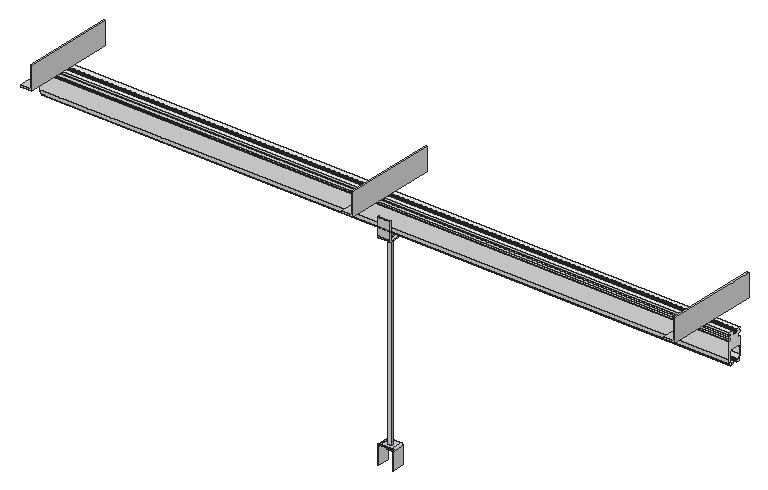
Revit family "Mount_RigidRail_Kattsafe_Purlin_Inline", category Specialty Equipment, Revit 2025
Family settings
  Round Connector Dimension = Use Diameter
  Part Type = Normal
  OmniClass Number = 23.27.71.21
  Work Plane-Based = No
  Enable Cutting in Views = No
  Always vertical = Yes
  Cut with Voids When Loaded = No
  Maintain Annotation Orientation = No
  Shared = No
  Room Calculation Point = No
Parameters (values of type "3.0M Purlin Spreader (OH277)")
  Uniclass2015Version = "Products v1.23"
  Uniclass2015Title = "Brackets"
  Uniclass2015Code = "Pr_20_85_09"
  URL = "https://kattsafe.com.au/"
  UBracketAngle [instance] = 0.00°
  Type IFC Predefined Type = "USERDEFINED"
  Type Comments = "Purlin Spreader with Suspension Kit - 3.0M"
  SafetyDisclaimer [instance] = "WARNING! The correct placement of access, fall protection and facade maintenance systems is critical to ensure it is fit-for-purpose and safe for the operator to use. Did you know Kattsafe® have a dedicated team of Height Safety System Design Specialists? Kattsafe® provide one-on-one consultation and system design assistance to ensure you are meeting the stringent requirements of height safety and to give you PEACE OF MIND with your project."  # constant formula
  PurlinThicknessCalc [instance] = if(PurlinThickness < 1 mm, 1 mm, if(PurlinThickness > 20 mm, 20 mm, PurlinThickness))  # 2 mm
  PurlinThickness [instance] = 2 mm
  PurlinSpreaderLength = if([3mPurlinSpreader], 3000 mm, 4000 mm)  # 3000 mm
  ModifiedIssue = 20240430
  Model = "OH277"
  Material = Steel_Stainless_Kattsafe_Satin
  ManufacturerURLProductSpecific = "https://kattsafe.com.au/products/rigid-rails"
  ManufacturerSpecCode = Model  # "OH277"
  ManufacturerOverallWidth = if([3mPurlinSpreader], 3000 mm, 4000 mm)  # 3000 mm
  ManufacturerOverallHeight [instance] = ActualSuspensionLength + 154 mm  # 1154 mm
  ManufacturerOverallDepth = 400 mm  # constant formula
  ManufacturerHeightFromFFL [instance] = 2700 mm
  Manufacturer = "Kattsafe®"  # constant formula
  IfcExportType = "USERDEFINED"
  IfcExportAs = "IfcBuildingElementProxy"
  Export Type to IFC As = "IfcBuildingElementProxy"
  DesiredSuspensionLength [instance] = 1000 mm
  DesiredPurlinSpacing [instance] = 1400 mm
  Description = "Rigid rails provide significant spanning capabilities, making them very versatile where there are limited support structures. The high strength aluminium construction, along with the unique t-bolt assembly makes it a very simple and easily adaptable system to install."  # constant formula
  Default Elevation = 0 mm
  CreatedByURL = "https://igsgroup.com.au"
  CreatedBy = "IGS BIM Solutions"  # constant formula
  BraceOffsetCalc [instance] = if(ActualSuspensionLength < 200 mm, 200 mm, ActualSuspensionLength)  # 1000 mm
  Assembly Code = "E1090100"
  ActualSuspensionLength [instance] = if(DesiredSuspensionLength < 200 mm, 200 mm, if(DesiredSuspensionLength > 3000 mm, 3000 mm, DesiredSuspensionLength))  # 1000 mm
  ActualPurlinSpacing [instance] = if(DesiredPurlinSpacing > PurlinSpreaderLength / 2 - 50 mm, PurlinSpreaderLength / 2 - 50 mm, DesiredPurlinSpacing)  # 1400 mm
  4mPurlinSpreader = not([3mPurlinSpreader])  # no
  3mPurlinSpreader = yes
Types (2, lengths in mm): name | Type Comments | PurlinThicknessCalc | PurlinThickness | PurlinSpreaderLength | Model | ManufacturerSpecCode | ManufacturerOverallWidth | 4mPurlinSpreader | 3mPurlinSpreader
  3.0M Purlin Spreader (OH277) | "Purlin Spreader with Suspension Kit - 3.0M" | 2 | 2 | 3000 | "OH277" | "OH277" | 3000 | no | yes
  4.0M Purlin Spreader (OH278) | "Purlin Spreader with Suspension Kit - 4.0M" | 14.8 | 14.8 | 4000 | "OH278" | "OH278" | 4000 | yes | no
Reference planes
  plane 1 "Center (Front/Back)": y = 247.5
  plane 2 "Ref. Level": z = 0
  plane 3 "Centre (Left/Right)": x = 0
  plane 4 "Bottom": z = 1646
  plane 5 "BraceTopValid": z = 2700
  plane 6 "ConcreteBracketBottom": z = 1730
  plane 7 "RailTop": z = 1700
  plane 8 "Top": z = 2700
  plane 9 "Left": x = -1500
  plane 10 "PurlinSpreaderBottom": z = 2570
  plane 11 "TopUBracketBottom": z = 2536
  plane 12 "Purlin3Left": x = 1399
  plane 13 "Purlin1Left": x = -1401
  plane 14 "Right": x = 1500
  plane 15 "Back": y = 447.5
  plane 16 "Front": y = 47.5
  plane 17 "DesiredRailTop": z = 1700
  plane 18 "Purlin1Right": x = -1399
  plane 19 "Purlin1Centre": x = -1400
  plane 20 "Purlin3Right": x = 1401
  plane 21 "Purlin3Centre": x = 1400
  plane 22 "Purlin2Left": x = -1
  plane 23 "Purlin2Right": x = 1
Forms (mm)
  Revolve 1, solid, material "Steel_Stainless_Kattsafe_Satin" <- "Material"
    sketch origin (0, 247.5, 0) x (1, 0, 0) y (0, 0, 1)
      loop
        line (0, 2554) -> (-13, 2554) -> (-13, 2541) -> (-8, 2541) -> (-8, 1725) -> (-13, 1725) -> (-13, 1712.5) -> (0, 1712.5) -> (0, 2554)
      axis (0, 2554) -> (0, 1712.5)
    angle from 0 to 360
  Extrusion 2, solid, material "Steel_Stainless_Kattsafe_Satin" <- "Material"
    sketch origin (231.5, -65.949, 506) x (-1, 0, 0) y (0, 0, 1)
      loop
        line (282.5, 2200) -> (238.5, 2200) -> (238.5, 2294) -> (232.5, 2294) -> (232.5, 2194) -> (282.5, 2194) -> (282.5, 2200)
    from 113.449 to 513.449
  Sweep 3, solid, material "Aluminum_Kattsafe_Satin"
    path origin (0, 0, 2700) x (-1, 0, 0) y (0, -1, 0)
      loop
        line (1500, -247.5) -> (-1500, -247.5)
    profile "Z_Fallprotection_Kattsafe_Rigidrail130 : Type 1" origin (0, 247.5, 2700) x (0, 1, 0) y (0, 0, 1)
      loop
        line (30, -104.9) -> (30, -35.25) -> (16, -35.25) -> (16, -23.25) -> (30, -23.25) -> (30, -13) -> (24, -13) -> (24, -6) -> (30, -6) -> (30, 0) -> (10.5, 0) -> (10.5, -6) -> (16.5, -6) -> (16.5, -13) -> (10.5, -13) -> (10.5, -16) -> (-10.5, -16) -> (-10.5, -13) -> (-16.5, -13) -> (-16.5, -6) -> (-10.5, -6) -> (-10.5, 0) -> (-30, 0) -> (-30, -6) -> (-24, -6) -> (-24, -13) -> (-30, -13) -> (-30, -23.25) -> (-23, -23.25) -> (-23, -35.25) -> (-30, -35.25) -> (-30, -104.9) -> (-24.267, -126.294)
        arc (-24.267, -126.294) -> (-22.482, -128.967) -> (-19.438, -130) r 5
        line (-19.438, -130) -> (-9.025, -130) -> (-9.025, -126) -> (-17.903, -126)
        arc (-17.903, -126) -> (-19.729, -125.38) -> (-20.801, -123.776) r 3
        line (-20.801, -123.776) -> (-26, -104.373) -> (-26, -75)
        arc (-26, -75) -> (-24.536, -71.464) -> (-21, -70) r 5
        line (-21, -70) -> (21, -70)
        arc (21, -70) -> (24.536, -71.464) -> (26, -75) r 5
        line (26, -75) -> (26, -104.373) -> (20.801, -123.776)
        arc (20.801, -123.776) -> (19.729, -125.38) -> (17.903, -126) r 3
        line (17.903, -126) -> (9.025, -126) -> (9.025, -130) -> (19.438, -130)
        arc (19.438, -130) -> (22.482, -128.967) -> (24.267, -126.294) r 5
        line (24.267, -126.294) -> (30, -104.9)
  Extrusion 4, solid, material "Steel_Stainless_Kattsafe_Satin" <- "Material"
    sketch origin (0, 0, 0) x (0, 1, 0) y (0, 0, 1)
      loop
        line (212.5, 2620) -> (212.5, 2546)
        arc (212.5, 2546) -> (215.429, 2538.929) -> (222.5, 2536) r 10
        line (222.5, 2536) -> (272.5, 2536)
        arc (272.5, 2536) -> (279.571, 2538.929) -> (282.5, 2546) r 10
        line (282.5, 2546) -> (282.5, 2620) -> (277.5, 2620) -> (277.5, 2546)
        arc (277.5, 2546) -> (276.036, 2542.464) -> (272.5, 2541) r 5
        line (272.5, 2541) -> (222.5, 2541)
        arc (222.5, 2541) -> (218.964, 2542.464) -> (217.5, 2546) r 5
        line (217.5, 2546) -> (217.5, 2620) -> (212.5, 2620)
    from -25 to 25
  Extrusion 5, solid, material "Steel_Stainless_Kattsafe_Satin" <- "Material"
    sketch origin (-453.309, -65.949, 688.675) x (-1, 0, 0) y (0, 0, 1)
      loop
        line (997.691, 2017.325) -> (953.691, 2017.325) -> (953.691, 2111.325) -> (947.691, 2111.325) -> (947.691, 2011.325) -> (997.691, 2011.325) -> (997.691, 2017.325)
    from 113.449 to 513.449
  Extrusion 6, solid, material "Steel_Stainless_Kattsafe_Satin" <- "Material"
    sketch origin (1361.682, -65.949, 507.25) x (-1, 0, 0) y (0, 0, 1)
      loop
        line (12.682, 2198.75) -> (-31.318, 2198.75) -> (-31.318, 2292.75) -> (-37.318, 2292.75) -> (-37.318, 2192.75) -> (12.682, 2192.75) -> (12.682, 2198.75)
    from 113.449 to 513.449
Lines and regions (mm)
  Masking region 1
    outline origin (0, 0, 2700) x (-1, 0, 0) y (0, -1, 0)
      loop
        line (1451, -447.5) -> (1451, -47.5) -> (1401, -47.5) -> (1401, -447.5) -> (1451, -447.5)
  Masking region 2
    outline origin (1210, 320, 2700) x (-1, 0, 0) y (0, -1, 0)
      loop
        line (1261, -127.5) -> (1261, 272.5) -> (1211, 272.5) -> (1211, -127.5) -> (1261, -127.5)
  Masking region 3
    outline origin (2644.196, 340, 2700) x (-1, 0, 0) y (0, -1, 0)
      loop
        line (1295.196, -107.5) -> (1295.196, 292.5) -> (1245.196, 292.5) -> (1245.196, -107.5) -> (1295.196, -107.5)
  symbolic lines, style "Fall Arrest Systems", detail levels medium+fine
    curve 1: line (-1407, 447.5, 2700) -> (-1407, 47.5, 2700)
    curve 2: line (-7, 447.5, 2700) -> (-7, 47.5, 2700)
    curve 3: line (1393, 447.5, 2700) -> (1393, 47.5, 2700)
  reference lines
    curve 4: line (0, 247.5, -6) -> (0, 257.5, -6)
    curve 5: line (0, 247.5, -6) -> (-5, 247.5, -6)
Text (mm)
  text "Disclaimer:\nDue to ongoing product development and manufacturing \nevolution, product details are subject to change without \nnotice. Please refer to product technical data sheets on \nthe manufacturers website for the most current product \ninformation. Please allow a +/- 5mm manufacturing \ntolerance for dimensions and set-outs shown in product \nliterature." at (1721.037, 268.396, 0), in view "Ref. Level"
Dimensions and locks
  "ManufacturerHeightFromFFL": plane 8 "Top" to plane 2 "Ref. Level"
  "ActualSuspensionLength": plane 8 "Top" to plane 7 "RailTop"
  locked: plane 6 "ConcreteBracketBottom" to plane 7 "RailTop" at 30
  locked: plane 6 "ConcreteBracketBottom" to plane 4 "Bottom" at 84
  locked: plane 3 "Centre (Left/Right)" to Revolve 1 sketch curve at 8
  "BraceOffsetCalc": plane 5 "BraceTopValid" to plane 7 "RailTop"
  locked: plane 8 "Top" to plane 10 "PurlinSpreaderBottom" at 130
  locked: Extrusion 4 sketch curve to Extrusion 4 sketch curve at 70
  locked: Extrusion 4 sketch curve to Extrusion 4 sketch curve at 5  (x2)
  equal spacing: Extrusion 4 sketch curve, plane 1 "Center (Front/Back)", Extrusion 4 sketch curve
  locked: plane 10 "PurlinSpreaderBottom" to plane 11 "TopUBracketBottom" at 34
  Extrusion 4 sketch curve to Extrusion 4 sketch curve to plane 11 "TopUBracketBottom" = 79 mm locked, 5 mm locked
  locked: Extrusion 6 sketch curve to Extrusion 6 sketch curve at 6
  locked: Extrusion 6 sketch curve to Extrusion 6 sketch curve at 50
  equal spacing: plane 14 "Right", plane 3 "Centre (Left/Right)", plane 9 "Left"
  "PurlinSpreaderLength": plane 14 "Right" to plane 9 "Left"
  Revolve 1 sketch curve to Revolve 1 sketch curve = 13 mm
  Revolve 1 sketch curve to Revolve 1 sketch curve to plane 11 "TopUBracketBottom" = 13 mm locked, 5 mm locked
  equal spacing: plane 9 "Left", plane 3 "Centre (Left/Right)", plane 14 "Right"
  locked: Extrusion 5 sketch curve to plane 8 "Top" at 6
  locked: plane 13 "Purlin1Left" to Extrusion 5 sketch curve at 6
  locked: Extrusion 5 sketch curve to plane 8 "Top" at 100
  locked: plane 13 "Purlin1Left" to Extrusion 5 sketch curve at 50
  locked: Extrusion 2 sketch curve to plane 8 "Top" at 100
  locked: Extrusion 2 sketch curve to plane 8 "Top" at 6
  Extrusion 6 sketch curve to Extrusion 6 sketch curve to plane 8 "Top" = 94 mm locked, 6 mm locked
  equal spacing: plane 15 "Back", plane 1 "Center (Front/Back)", plane 16 "Front"
  locked: plane 15 "Back" to plane 16 "Front" at 400
  "DesiredSuspensionLength": plane 8 "Top" to plane 17 "DesiredRailTop"
  equal spacing: plane 12 "Purlin3Left", plane 21 "Purlin3Centre", plane 20 "Purlin3Right"
  equal spacing: plane 13 "Purlin1Left", plane 19 "Purlin1Centre", plane 18 "Purlin1Right"
  "PurlinThickness": plane 13 "Purlin1Left" to plane 18 "Purlin1Right"
  "PurlinThickness": plane 12 "Purlin3Left" to plane 20 "Purlin3Right"
  equal spacing: plane 23 "Purlin2Right", plane 3 "Centre (Left/Right)", plane 22 "Purlin2Left"
  "PurlinThickness": plane 23 "Purlin2Right" to plane 22 "Purlin2Left"
  plane 22 "Purlin2Left" to Extrusion 2 sketch curve to Extrusion 2 sketch curve = 6 mm, 44 mm
  "ActualPurlinSpacing": plane 19 "Purlin1Centre" to plane 3 "Centre (Left/Right)" to plane 21 "Purlin3Centre"
  radius of Extrusion 4 sketch curve = 10 mm  (x2)
  radius of Extrusion 4 sketch curve = 5 mm  (x2)
  locked: curve 4 to curve 5 (angle 90.00°)
  "UBracketAngle": angle curve 4 to plane 3 "Centre (Left/Right)"
  "UBracketAngle": angle nested 1 to plane 3 "Centre (Left/Right)"
  aligned and locked: level to plane 2 "Ref. Level"
  aligned and locked: Revolve 1 sketch curve to plane 3 "Centre (Left/Right)"  (x2)
  aligned and locked: Sweep 3 sketch curve to plane 1 "Center (Front/Back)"
  aligned and locked: Extrusion 4 sketch curve to Extrusion 4 sketch curve
  aligned and locked: plane 11 "TopUBracketBottom" to Extrusion 4 sketch curve
  aligned and locked: plane 9 "Left" to Sweep 3 sketch curve
  aligned and locked: plane 13 "Purlin1Left" to Extrusion 5 sketch curve
  aligned and locked: Extrusion 5 sketch curve to plane 8 "Top"
  aligned and locked: plane 8 "Top" to Extrusion 6 sketch curve
  aligned and locked: plane 12 "Purlin3Left" to Extrusion 6 sketch curve
  aligned and locked: Extrusion 5 to plane 15 "Back"
  aligned and locked: Extrusion 2 to plane 15 "Back"
  aligned and locked: Extrusion 6 to plane 15 "Back"
  aligned and locked: plane 16 "Front" to Extrusion 5
  aligned and locked: plane 16 "Front" to Extrusion 2
  aligned and locked: plane 16 "Front" to Extrusion 6
  aligned and locked: Masking region 1 sketch curve to plane 13 "Purlin1Left"
  aligned and locked: Masking region 1 sketch curve to plane 16 "Front"
  aligned and locked: Masking region 1 sketch curve to Extrusion 5
  aligned and locked: plane 16 "Front" to Masking region 3
  aligned and locked: Masking region 3 to plane 15 "Back"
  aligned and locked: plane 12 "Purlin3Left" to Masking region 3
  aligned and locked: Masking region 3 to Extrusion 6
  aligned and locked: curve 1 to Extrusion 5
  aligned and locked: curve 3 to Extrusion 6
  aligned and locked: plane 1 "Center (Front/Back)" to curve 5
  aligned and locked: plane 3 "Centre (Left/Right)" to curve 5
  aligned and locked: nested 1 to plane 6 "ConcreteBracketBottom"
  aligned and locked: nested 1 to curve 4
  aligned and locked: curve 5 to nested 1
  aligned and locked: plane 22 "Purlin2Left" to Extrusion 2
  aligned and locked: Masking region 2 to Extrusion 2
  aligned and locked: plane 22 "Purlin2Left" to Masking region 2
  aligned and locked: curve 2 to Extrusion 2
Automatic sketch dimensions
  Revolve 1 sketch curve to plane 3 "Centre (Left/Right)" = 13 mm
  plane 7 "RailTop" to Revolve 1 sketch curve = 12.5 mm
  Revolve 1 sketch curve to plane 11 "TopUBracketBottom" = 17.523 mm
  Extrusion 2 sketch curve to Extrusion 2 sketch curve = 6 mm
  Sweep 3 sketch curve to plane 14 "Right" = 0 mm
  plane 15 "Back" to Masking region 1 sketch curve = 0 mm
  Masking region 3 sketch curve to plane 12 "Purlin3Left" = 0 mm
  Masking region 3 sketch curve to Masking region 3 sketch curve = 50 mm
  Masking region 3 sketch curve to plane 15 "Back" = 0 mm
  plane 16 "Front" to Masking region 2 sketch curve = 0 mm
  plane 15 "Back" to Masking region 2 sketch curve = 0 mm
  plane 15 "Back" to curve 1 = 0 mm
  plane 15 "Back" to curve 2 = 0 mm
  plane 15 "Back" to curve 3 = 0 mm
  plane 16 "Front" to curve 2 = 0 mm
  plane 16 "Front" to curve 1 = 0 mm
  plane 16 "Front" to curve 3 = 0 mm
  plane 6 "ConcreteBracketBottom" to Revolve 1 sketch curve = 5 mm
  plane 10 "PurlinSpreaderBottom" to Revolve 1 sketch curve = 43.477 mm
  plane 16 "Front" to Masking region 3 sketch curve = 0 mm
  Extrusion 2 sketch curve to plane 3 "Centre (Left/Right)" = 1 mm
  Masking region 2 sketch curve to plane 3 "Centre (Left/Right)" = 1 mm
  Masking region 2 sketch curve to plane 3 "Centre (Left/Right)" = 51 mm
Nested families
  nested 1: "z_Kattsafe_UBracket_Adjustable" at (0, 247.5, 1730), type "Type 1"
Definition of nested family "z_Kattsafe_UBracket_Adjustable"
  Parameters (values of type "Type 1")
    URL = "https://kattsafe.com.au/"
    Material = none
    Manufacturer = "Kattsafe®"
    Default Elevation = 0 mm
  Reference planes
    plane 1 "Center (Front/Back)": y = 0
    plane 2: z = 0
    plane 3 "Center (Left/Right)": x = 0
  Forms (mm)
    Extrusion 1, solid, material <- "Material"
      sketch origin (0, 0, -39) x (1, 0, 0) y (0, 0, 1)
        loop
          line (-35, -45) -> (-30, -45) -> (-30, 29)
          arc (-30, 29) -> (-28.536, 32.536) -> (-25, 34) r 5
          line (-25, 34) -> (25, 34)
          arc (25, 34) -> (28.536, 32.536) -> (30, 29) r 5
          line (30, 29) -> (30, -45) -> (35, -45) -> (35, 29)
          arc (35, 29) -> (32.071, 36.071) -> (25, 39) r 10
          line (25, 39) -> (-25, 39)
          arc (-25, 39) -> (-32.071, 36.071) -> (-35, 29) r 10
          line (-35, 29) -> (-35, -45)
      from 25 to -25
  Dimensions and locks
    Extrusion 1 sketch curve to Extrusion 1 sketch curve = 70 mm
    locked: Extrusion 1 sketch curve to Extrusion 1 sketch curve at 5  (x2)
    radius of Extrusion 1 sketch curve = 10 mm  (x2)
    radius of Extrusion 1 sketch curve = 5 mm  (x2)
    aligned and locked: level to plane 2
